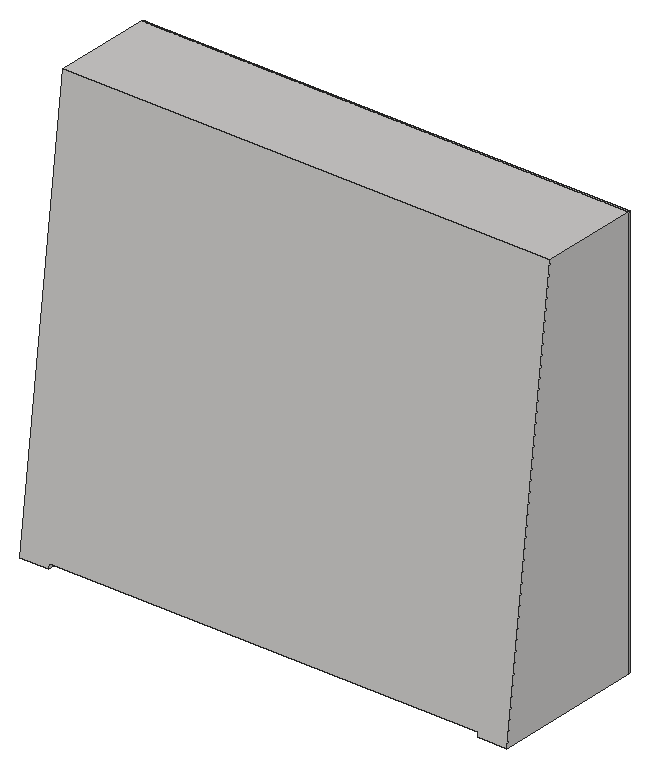
Revit family "PRD_FrankeWS_WlHngWshBsns_Heavy-DutyWashBasin_HDTX455", category Plumbing Fixtures, host Face, Revit 2018
Family settings
  Host = Face
  Round Connector Dimension = Use Diameter
  Part Type = Normal
  OmniClass Number = 23.45.05.14.14
  OmniClass Title = Sinks/Lavatories
  Cut with Voids When Loaded = No
  Shared = No
  Room Calculation Point = No
Parameters (values of type "HDTX455")
  WaterSupplyOverflowAndWasteHolesWaterSupply = "No tapholes"
  WaterSupplyOverflowAndWasteHolesWaste = "Center-Center"
  WaterSupplyOverflowAndWasteHolesOverflow = "None"
  WasteSize = 32.048 mm
  WashbasinMaterial = PRD_AR_StainlessSteel_SatinFinished
  WashHandBasinType = "HandRinse"
  WashHandBasinMounting = "WallHung"
  WarrantyStartDate [instance] = "1900-12-31T23:59:59"
  WarrantyGuarantorParts = "n/a"
  WarrantyGuarantorLabor = "n/a"
  WarrantyDurationUnit = "year"
  WarrantyDurationParts = "n/a"
  WarrantyDurationLabor = "n/a"
  WarrantyDescription = "n/a"
  Version = "1"
  Uniclass2015Version = "Products v1.5"
  Uniclass2015Title = "Wall-hung wash basins"
  Uniclass2015Code = "Pr_40_20_96_96"
  URL = "www.kwc.com"
  TagNumber [instance] = "n/a"
  SustainabilityPerformance = "n/a"
  Standard = "n/a"
  Size = "500 x 160 x 425 mm"
  Shape = "n/a"
  SerialNumber [instance] = "n/a"
  Revision = "n/a"
  ReplacementCost = "n/a"
  ProductInformation = "https://pim.kwc.com/product/2000100058/attachment/datasheet?locale=en"
  OverflowClass = "n/a"
  NominalWidth = 500 mm
  NominalLength = 425 mm
  NominalHeight = 160 mm
  NominalDepth = 160 mm
  NetWeight = 10.00 kg
  Name = "HEAVY-DUTY wash basin HDTX455"
  NBSTypeID = "n/a"
  NBSReference = "45-35-70/369"
  NBSOfficeMasterTag = "n/a"
  NBSNote = "n/a"
  NBSDescription = "Wall hung wash basins"
  NBSCertification = "n/a"
  ModelReference = "HDTX455"
  ModelNumber = "2000100058"
  Model = ModelReference  # "HDTX455"
  MaterialsFinishAndColour = "Stainless steel, satin finished"
  MaterialsBody = "Stainless steel 1.4301"
  Material = "Stainless steel"
  ManufacturerURL = "www.kwc.com"
  ManufacturerName = "KWC Group AG"  # constant formula
  Manufacturer = ManufacturerName  # "KWC Group AG"
  IntegralAccessories = "Waste kit included. Stainless steel rods and nuts included"
  InstallationDate [instance] = "1900-12-31T23:59:59"
  IfcExportType = "WASHHANDBASIN"
  IfcExportAs = "IfcSanitaryTerminalType"
  GrossWeight = 11.00 kg
  Grade = "n/a"
  Form = "Wall hung wash basin"
  Finish = "Satin finished"
  Features = "stainless steel, 1.20 mm, satin finished, bolt fix with duct wall, 500x160x425 mm (WxHxD)"
  ExpectedLife = "n/a"
  DurationUnit = "year"
  DrainSize = "DN 32 (1 1/4 inch.)"
  Description = "Wash basin for wall mounting, hidden mounting with stainless steel rods through wall, fixing and service via maintenance room, stainless steel, surface satin finished, material thickness 1.2 mm, seamless welded round bowl with diameter 347 mm, without tap ledge, without overflow, seamless welded waste with 32 mm drain pipe, drainage centric, for recessed trap mounting - trap not included, incl. stainless steel rods and nuts."
  Default Elevation = 850 mm
  Constituents = "n/a"
  ConnectingDimensions = "n/a"
  Color = "Stainless steel"
  CodePerformance = "n/a"
  Category = "Pr_40_20_96_96, Wall-hung wash basins"
  BarCode [instance] = "n/a"
  BIMObjectName = "PRD_AR_WallHungWashBasins_Heavy-DutyWashBasin_HDTX455"
  Author = "Archispace"  # constant formula
  AssetType = "Fixed"
  AssetIdentifier [instance] = "n/a"
  AccessibilityPerformance = "n/a"
Reference planes
  plane 1 "Center (Front/Back)": y = 0
  plane 2: z = 0
  plane 3 "Center (Left/Right)": x = 0
Dimensions and locks
  aligned and locked: plane 2 to host face
  aligned and locked: level to host face
Nested families
  nested 1: "HDTX455" at (0, 0, 0) x (1, 0, 0) z (0, 1, 0), type "HDTX455"
Connectors
  piping at (0, -116.472, 11.834), diameter 32.048, driven by "WasteSize"
    settings: on nested 1, index 1, connector inside diameter 609.6 mm, connector length 0 mm, flow factor 0, pipe flow 0.0 L/s, pressure drop 0.0 Pa, fitting loss kfactor 0, connector angle 0.00°, fixture units 0, engagement length 0 mm, angle of deflection 0.00°, flow configuration 2, flow direction 2, fitting loss method 0, system type 16, joint type 0, gender type 0, connector reference index -1, connector utility 0, adjustable connector no, is connector primary yes, connector description ""
Definition of nested family "HDTX455"
  Parameters (values of type "ANMX500")
    Material = none
    Default Elevation = 0 mm
  Reference planes
    plane 1 "Center (Front/Back)": y = 0
    plane 2: z = 0
    plane 3 "Center (Left/Right)": x = 0
    plane 4: y = -212.5
    plane 5: x = -250
    plane 6: x = 250
    plane 7: x = -246
    plane 8: x = 246
  Forms (mm)
    Extrusion 1, solid, material <- "Material", detail levels fine
      sketch origin (0, 0, 0) x (0, 1, 0) y (0, 0, 1)
        loop
          line (0, 0) -> (-425, 0) -> (-425, -105) -> (0, -160) -> (0, 0)
      from -250 to 250
    Extrusion 2, void
      sketch origin (0, 0, 0) x (0, 1, 0) y (0, 0, 1)
        loop
          line (-4, -2) -> (-421, -2) -> (-421, -101.416) -> (-4, -155.536) -> (-4, -2)
      from -246 to 246
    Extrusion 3, void
      sketch origin (0, 0, 0) x (0, 1, 0) y (0, 0, 1)
        loop
          line (0, -45) -> (-4, -45) -> (-4, -159.482) -> (0, -160) -> (0, -45)
      from -220 to 220
    Extrusion 4, void
      sketch origin (0, 0, 0) x (1, 0, 0) y (0, 1, 0)
        loop
          circle (0, -212.5) r 173.5
      from -2 to 250
    Revolve 5, solid, material <- "Material", detail levels fine
      sketch origin (0, 0, 0) x (0, 1, 0) y (0, 0, 1)
        loop
          line (-212.5, -81) -> (-212.5, -83)
          arc (-212.5, -83) -> (-115.358, -61.784) -> (-35.907, -2) r 233
          line (-35.907, -2) -> (-38.555, -2)
          arc (-38.555, -2) -> (-116.978, -60.325) -> (-212.5, -81) r 231
        axis (-212.5, -83) -> (-212.5, -2)
      angle from 0 to 360
    Extrusion 6, void
      sketch origin (0, 0, 0) x (1, 0, 0) y (0, 1, 0)
        loop
          arc (-4.306, -210.494) -> (-4.246, -209.812) -> (-4.638, -209.252) r 1
          line (-4.638, -209.252) -> (-6.089, -208.237)
          arc (-6.089, -208.237) -> (-6.901, -208.085) -> (-7.551, -208.597) r 1
          arc (-7.551, -208.597) -> (-8.5, -212.5) -> (-7.551, -216.403) r 8.5
          arc (-7.551, -216.403) -> (-6.901, -216.915) -> (-6.089, -216.763) r 1
          line (-6.089, -216.763) -> (-4.638, -215.748)
          arc (-4.638, -215.748) -> (-4.246, -215.188) -> (-4.306, -214.506) r 1
          arc (-4.306, -214.506) -> (-4.75, -212.5) -> (-4.306, -210.494) r 4.75
        loop
          arc (-2.517, -202.049) -> (-1.133, -199.787) -> (-3.395, -198.403) r 1.875
          arc (-3.395, -198.403) -> (-10.253, -202.247) -> (-14.097, -209.105) r 14.5
          arc (-14.097, -209.105) -> (-12.713, -211.367) -> (-10.451, -209.983) r 1.875
          arc (-10.451, -209.983) -> (-7.601, -204.899) -> (-2.517, -202.049) r 10.75
        loop
          circle (0, -212.5) r 2.5
        loop
          arc (2.006, -208.194) -> (2.688, -208.254) -> (3.248, -207.862) r 1
          line (3.248, -207.862) -> (4.263, -206.411)
          arc (4.263, -206.411) -> (4.415, -205.599) -> (3.903, -204.949) r 1
          arc (3.903, -204.949) -> (0, -204) -> (-3.903, -204.949) r 8.5
          arc (-3.903, -204.949) -> (-4.415, -205.599) -> (-4.263, -206.411) r 1
          line (-4.263, -206.411) -> (-3.248, -207.862)
          arc (-3.248, -207.862) -> (-2.688, -208.254) -> (-2.006, -208.194) r 1
          arc (-2.006, -208.194) -> (0, -207.75) -> (2.006, -208.194) r 4.75
        loop
          arc (10.451, -209.983) -> (12.713, -211.367) -> (14.097, -209.105) r 1.875
          arc (14.097, -209.105) -> (10.253, -202.247) -> (3.395, -198.403) r 14.5
          arc (3.395, -198.403) -> (1.133, -199.787) -> (2.517, -202.049) r 1.875
          arc (2.517, -202.049) -> (7.601, -204.899) -> (10.451, -209.983) r 10.75
        loop
          arc (4.306, -214.506) -> (4.246, -215.188) -> (4.638, -215.748) r 1
          line (4.638, -215.748) -> (6.089, -216.763)
          arc (6.089, -216.763) -> (6.901, -216.915) -> (7.551, -216.403) r 1
          arc (7.551, -216.403) -> (8.5, -212.5) -> (7.551, -208.597) r 8.5
          arc (7.551, -208.597) -> (6.901, -208.085) -> (6.089, -208.237) r 1
          line (6.089, -208.237) -> (4.638, -209.252)
          arc (4.638, -209.252) -> (4.246, -209.812) -> (4.306, -210.494) r 1
          arc (4.306, -210.494) -> (4.75, -212.5) -> (4.306, -214.506) r 4.75
        loop
          arc (2.517, -222.951) -> (1.133, -225.213) -> (3.395, -226.597) r 1.875
          arc (3.395, -226.597) -> (10.253, -222.753) -> (14.097, -215.895) r 14.5
          arc (14.097, -215.895) -> (12.713, -213.633) -> (10.451, -215.017) r 1.875
          arc (10.451, -215.017) -> (7.601, -220.101) -> (2.517, -222.951) r 10.75
        loop
          arc (-2.006, -216.806) -> (-2.688, -216.746) -> (-3.248, -217.138) r 1
          line (-3.248, -217.138) -> (-4.263, -218.589)
          arc (-4.263, -218.589) -> (-4.415, -219.401) -> (-3.903, -220.051) r 1
          arc (-3.903, -220.051) -> (0, -221) -> (3.903, -220.051) r 8.5
          arc (3.903, -220.051) -> (4.415, -219.401) -> (4.263, -218.589) r 1
          line (4.263, -218.589) -> (3.248, -217.138)
          arc (3.248, -217.138) -> (2.688, -216.746) -> (2.006, -216.806) r 1
          arc (2.006, -216.806) -> (0, -217.25) -> (-2.006, -216.806) r 4.75
        loop
          arc (-10.451, -215.017) -> (-12.713, -213.633) -> (-14.097, -215.895) r 1.875
          arc (-14.097, -215.895) -> (-10.253, -222.753) -> (-3.395, -226.597) r 14.5
          arc (-3.395, -226.597) -> (-1.133, -225.213) -> (-2.517, -222.951) r 1.875
          arc (-2.517, -222.951) -> (-7.601, -220.101) -> (-10.451, -215.017) r 10.75
      from -74.173 to -85.979
    Sweep 7, solid, material <- "Material", detail levels medium+fine
      path origin (0, 0, 0) x (0, 1, 0) y (0, 0, 1)
        loop
          line (-212.5, -82.388) -> (-212.5, -109.486) -> (-11.834, -116.472)
      profile origin (0, -212.5, -95.937) x (1, 0, 0) y (0, 1, 0)
        loop
          circle (0, 0) r 16
    Sweep 8, void
      path in 3D
        loop
          line (-250, -425, 0) -> (-250, 0, 0) -> (250, 0, 0) -> (250, -425, 0) -> (-250, -425, 0)
      profile origin (0, -425, 0) x (0, -1, 0) y (0, 0, 1)
        loop
          line (0, 0) -> (-3, 0)
          arc (-3, 0) -> (-0.879, -0.879) -> (0, -3) r 3
          line (0, -3) -> (0, 0)
    Extrusion 9, solid, material <- "Material", detail levels medium
      sketch origin (0, 0, 0) x (0, 1, 0) y (0, 0, 1)
        loop
          line (0, -160) -> (0, 0) -> (-425, 0) -> (-425, -105) -> (0, -160)
      from -250 to 250
    Revolve 10, void
      sketch origin (0, 0, 0) x (0, 1, 0) y (0, 0, 1)
        loop
          arc (-212.5, -81) -> (-116.762, -59.753) -> (-39, 0) r 226.316
          line (-39, 0) -> (-212.5, 0) -> (-212.5, -81)
        axis (-212.5, -81) -> (-212.5, 0)
      angle from 0 to 360
    Extrusion 11, solid, material <- "Material", detail levels coarse
      sketch origin (0, 0, 0) x (0, 1, 0) y (0, 0, 1)
        loop
          line (0, -160) -> (0, 0) -> (-425, 0) -> (-425, -105) -> (0, -160)
      from -250 to 250
  Cuts and joins
    Extrusion 2, Extrusion 3, Extrusion 4, Extrusion 6, Sweep 8 cuts Extrusion 1
    Revolve 10 cuts Extrusion 9
    Extrusion 6 cuts Revolve 5
  Lines and regions (mm)
    sketch lines
      curve 1: line (250, -425, 0) -> (-250, -425, 0)
      curve 2: line (250, 0, 0) -> (250, -425, 0)
      curve 3: line (250, 0, 0) -> (-250, 0, 0)
      curve 4: line (-250, -425, 0) -> (-250, 0, 0)
    model lines, detail levels coarse
      curve 5: circle (0, -212.5, 0) r 173.5 normal (0, 0, 1)
  Dimensions and locks
    locked: plane 5 to plane 7 at 4
    locked: plane 8 to plane 6 at 4
    aligned and locked: level to plane 2
    aligned and locked: Extrusion 1 to plane 5
    aligned and locked: Extrusion 1 to plane 6
    aligned and locked: Extrusion 2 to plane 8
    aligned and locked: Extrusion 9 to plane 6
    aligned and locked: Extrusion 9 to plane 5
    aligned and locked: Extrusion 11 to plane 6
    aligned and locked: Extrusion 11 to plane 5
